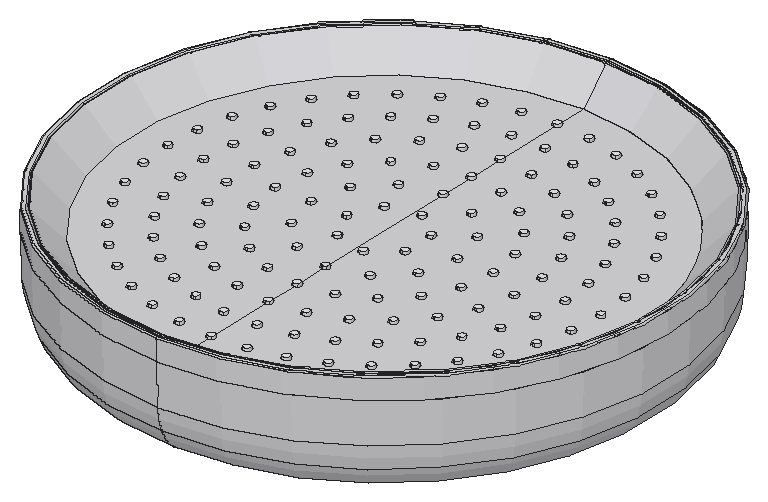
Revit family "Shower-Rainhead-KOHLER-K-26291IN", category Plumbing Fixtures, host Face, Revit 2017 (continued)
Definition of nested family "K-26291IN"
  Lines and regions (in)
    symbolic lines, detail levels medium+fine
      curve 234: arc (1.35235, 4.38821, 0) -> (1.47532, 4.36303, 0) -> (1.45014, 4.24006, 0) r 0.08875
      curve 235: arc (1.45014, 4.24006, 0) -> (1.32717, 4.26524, 0) -> (1.35235, 4.38821, 0) r 0.08875
      curve 236: arc (2.02217, 4.12263, 0) -> (2.13968, 4.07852, 0) -> (2.09558, 3.96101, 0) r 0.08875
      curve 237: arc (2.09558, 3.96101, 0) -> (1.97806, 4.00511, 0) -> (2.02217, 4.12263, 0) r 0.08875
      curve 238: arc (2.64219, 3.75553, 0) -> (2.75136, 3.69359, 0) -> (2.68942, 3.58442, 0) r 0.08875
      curve 239: arc (2.68942, 3.58442, 0) -> (2.58025, 3.64637, 0) -> (2.64219, 3.75553, 0) r 0.08875
      curve 240: arc (3.19716, 3.29597, 0) -> (3.29529, 3.21771, 0) -> (3.21703, 3.11958, 0) r 0.08875
      curve 241: arc (3.21703, 3.11958, 0) -> (3.1189, 3.19783, 0) -> (3.19716, 3.29597, 0) r 0.08875
      curve 242: arc (3.6734, 2.75524, 0) -> (3.75808, 2.6626, 0) -> (3.66543, 2.57791, 0) r 0.08875
      curve 243: arc (3.66543, 2.57791, 0) -> (3.58075, 2.67056, 0) -> (3.6734, 2.75524, 0) r 0.08875
      curve 244: arc (4.05919, 2.14667, 0) -> (4.12833, 2.04192, 0) -> (4.02358, 1.97278, 0) r 0.08875
      curve 245: arc (4.02358, 1.97278, 0) -> (3.95443, 2.07753, 0) -> (4.05919, 2.14667, 0) r 0.08875
      curve 246: arc (4.34503, 1.48525, 0) -> (4.39693, 1.37097, 0) -> (4.28265, 1.31906, 0) r 0.08875
      curve 247: arc (4.28265, 1.31906, 0) -> (4.23075, 1.43334, 0) -> (4.34503, 1.48525, 0) r 0.08875
      curve 248: arc (4.43627, 0.63287, 0) -> (4.40288, 0.75386, 0) -> (4.52388, 0.78725, 0) r 0.08875
      curve 249: arc (4.52388, 0.78725, 0) -> (4.55727, 0.66626, 0) -> (4.43627, 0.63287, 0) r 0.08875
      curve 250: arc (4.48066, -0.06891, 0) -> (4.46661, 0.05582, 0) -> (4.59133, 0.06987, 0) r 0.08875
      curve 251: arc (4.59133, 0.06987, 0) -> (4.60539, -0.05486, 0) -> (4.48066, -0.06891, 0) r 0.08875
      curve 252: arc (3.06025, -0.44283, 0) -> (3.08927, -0.32071, 0) -> (2.96715, -0.29169, 0) r 0.08875
      curve 253: arc (2.96715, -0.29169, 0) -> (2.93813, -0.41381, 0) -> (3.06025, -0.44283, 0) r 0.08875
      curve 254: arc (2.86535, -1.16232, 0) -> (2.92275, -1.0507, 0) -> (2.81113, -0.9933, 0) r 0.08875
      curve 255: arc (2.81113, -0.9933, 0) -> (2.75373, -1.10492, 0) -> (2.86535, -1.16232, 0) r 0.08875
      curve 256: arc (2.50419, -1.81391, 0) -> (2.58662, -1.71925, 0) -> (2.49196, -1.63682, 0) r 0.08875
      curve 257: arc (2.49196, -1.63682, 0) -> (2.40953, -1.73148, 0) -> (2.50419, -1.81391, 0) r 0.08875
      curve 258: arc (2.02784, -2.18563, 0) -> (1.92515, -2.2578, 0) -> (1.99732, -2.36049, 0) r 0.08875
      curve 259: arc (1.99732, -2.36049, 0) -> (2.10001, -2.28831, 0) -> (2.02784, -2.18563, 0) r 0.08875
      curve 260: arc (1.37478, -2.76969, 0) -> (1.49175, -2.72417, 0) -> (1.44623, -2.6072, 0) r 0.08875
      curve 261: arc (1.44623, -2.6072, 0) -> (1.32926, -2.65272, 0) -> (1.37478, -2.76969, 0) r 0.08875
      curve 262: arc (0.672, -3.01822, 0) -> (0.79647, -3.00201, 0) -> (0.78026, -2.87754, 0) r 0.08875
      curve 263: arc (0.78026, -2.87754, 0) -> (0.6558, -2.89375, 0) -> (0.672, -3.01822, 0) r 0.08875
      curve 264: arc (3.76309, -0.77452, 0) -> (3.79982, -0.6545, 0) -> (3.6798, -0.61777, 0) r 0.08875
      curve 265: arc (3.6798, -0.61777, 0) -> (3.64307, -0.73779, 0) -> (3.76309, -0.77452, 0) r 0.08875
      curve 266: arc (3.5567, -1.4528, 0) -> (3.61486, -1.34157, 0) -> (3.50363, -1.28341, 0) r 0.08875
      curve 267: arc (3.50363, -1.28341, 0) -> (3.44547, -1.39464, 0) -> (3.5567, -1.4528, 0) r 0.08875
      curve 268: arc (3.22919, -2.0816, 0) -> (3.30679, -1.98296, 0) -> (3.20815, -1.90535, 0) r 0.08875
      curve 269: arc (3.20815, -1.90535, 0) -> (3.13054, -2.004, 0) -> (3.22919, -2.0816, 0) r 0.08875
      curve 270: arc (2.79138, -2.63988, 0) -> (2.8858, -2.55718, 0) -> (2.8031, -2.46276, 0) r 0.08875
      curve 271: arc (2.8031, -2.46276, 0) -> (2.70868, -2.54545, 0) -> (2.79138, -2.63988, 0) r 0.08875
      curve 272: arc (2.25877, -3.10784, 0) -> (2.36678, -3.0439, 0) -> (2.30285, -2.93589, 0) r 0.08875
      curve 273: arc (2.30285, -2.93589, 0) -> (2.19483, -2.99983, 0) -> (2.25877, -3.10784, 0) r 0.08875
      curve 274: arc (1.64925, -3.46997, 0) -> (1.76717, -3.42697, 0) -> (1.72417, -3.30905, 0) r 0.08875
      curve 275: arc (1.72417, -3.30905, 0) -> (1.60625, -3.35205, 0) -> (1.64925, -3.46997, 0) r 0.08875
      curve 276: arc (0.98356, -3.71394, 0) -> (1.10737, -3.69334, 0) -> (1.08677, -3.56952, 0) r 0.08875
      curve 277: arc (1.08677, -3.56952, 0) -> (0.96296, -3.59012, 0) -> (0.98356, -3.71394, 0) r 0.08875
      curve 278: arc (0.28438, -3.83143, 0) -> (0.40987, -3.83393, 0) -> (0.41237, -3.70844, 0) r 0.08875
      curve 279: arc (0.41237, -3.70844, 0) -> (0.28688, -3.70594, 0) -> (0.28438, -3.83143, 0) r 0.08875
      curve 280: arc (0.76899, -4.41471, 0) -> (0.6436, -4.42035, 0) -> (0.64923, -4.54574, 0) r 0.08875
      curve 281: arc (0.64923, -4.54574, 0) -> (0.77462, -4.5401, 0) -> (0.76899, -4.41471, 0) r 0.08875
      curve 282: arc (1.35235, -4.38821, 0) -> (1.47532, -4.36303, 0) -> (1.45014, -4.24006, 0) r 0.08875
      curve 283: arc (1.45014, -4.24006, 0) -> (1.32717, -4.26524, 0) -> (1.35235, -4.38821, 0) r 0.08875
      curve 284: arc (2.02217, -4.12263, 0) -> (2.13968, -4.07852, 0) -> (2.09558, -3.96101, 0) r 0.08875
      curve 285: arc (2.09558, -3.96101, 0) -> (1.97806, -4.00511, 0) -> (2.02217, -4.12263, 0) r 0.08875
      curve 286: arc (2.64219, -3.75553, 0) -> (2.75136, -3.69359, 0) -> (2.68942, -3.58442, 0) r 0.08875
      curve 287: arc (2.68942, -3.58442, 0) -> (2.58025, -3.64637, 0) -> (2.64219, -3.75553, 0) r 0.08875
      curve 288: arc (3.19716, -3.29597, 0) -> (3.29529, -3.21771, 0) -> (3.21703, -3.11958, 0) r 0.08875
      curve 289: arc (3.21703, -3.11958, 0) -> (3.1189, -3.19783, 0) -> (3.19716, -3.29597, 0) r 0.08875
      curve 290: arc (3.6734, -2.75524, 0) -> (3.75808, -2.6626, 0) -> (3.66543, -2.57791, 0) r 0.08875
      curve 291: arc (3.66543, -2.57791, 0) -> (3.58075, -2.67056, 0) -> (3.6734, -2.75524, 0) r 0.08875
      curve 292: arc (4.05919, -2.14667, 0) -> (4.12833, -2.04192, 0) -> (4.02358, -1.97278, 0) r 0.08875
      curve 293: arc (4.02358, -1.97278, 0) -> (3.95443, -2.07753, 0) -> (4.05919, -2.14667, 0) r 0.08875
      curve 294: arc (4.34503, -1.48525, 0) -> (4.39693, -1.37097, 0) -> (4.28265, -1.31906, 0) r 0.08875
      curve 295: arc (4.28265, -1.31906, 0) -> (4.23075, -1.43334, 0) -> (4.34503, -1.48525, 0) r 0.08875
      curve 296: arc (4.43627, -0.63287, 0) -> (4.40288, -0.75386, 0) -> (4.52388, -0.78725, 0) r 0.08875
      curve 297: arc (4.52388, -0.78725, 0) -> (4.55727, -0.66626, 0) -> (4.43627, -0.63287, 0) r 0.08875
      curve 298: arc (-3.06025, -0.44283, 0) -> (-3.08927, -0.32071, 0) -> (-2.96715, -0.29169, 0) r 0.08875
      curve 299: arc (-2.96715, -0.29169, 0) -> (-2.93813, -0.41381, 0) -> (-3.06025, -0.44283, 0) r 0.08875
      curve 300: arc (-2.86535, -1.16232, 0) -> (-2.92275, -1.0507, 0) -> (-2.81113, -0.9933, 0) r 0.08875
      curve 301: arc (-2.81113, -0.9933, 0) -> (-2.75373, -1.10492, 0) -> (-2.86535, -1.16232, 0) r 0.08875
      curve 302: arc (-2.50419, -1.81391, 0) -> (-2.58662, -1.71925, 0) -> (-2.49196, -1.63682, 0) r 0.08875
      curve 303: arc (-2.49196, -1.63682, 0) -> (-2.40953, -1.73148, 0) -> (-2.50419, -1.81391, 0) r 0.08875
      curve 304: arc (-2.02784, -2.18563, 0) -> (-1.92515, -2.2578, 0) -> (-1.99732, -2.36049, 0) r 0.08875
      curve 305: arc (-1.99732, -2.36049, 0) -> (-2.10001, -2.28831, 0) -> (-2.02784, -2.18563, 0) r 0.08875
      curve 306: arc (-1.37478, -2.76969, 0) -> (-1.49175, -2.72417, 0) -> (-1.44623, -2.6072, 0) r 0.08875
      curve 307: arc (-1.44623, -2.6072, 0) -> (-1.32926, -2.65272, 0) -> (-1.37478, -2.76969, 0) r 0.08875
      curve 308: arc (-0.672, -3.01822, 0) -> (-0.79647, -3.00201, 0) -> (-0.78026, -2.87754, 0) r 0.08875
      curve 309: arc (-0.78026, -2.87754, 0) -> (-0.6558, -2.89375, 0) -> (-0.672, -3.01822, 0) r 0.08875
      curve 310: arc (-3.76309, -0.77452, 0) -> (-3.79982, -0.6545, 0) -> (-3.6798, -0.61777, 0) r 0.08875
      curve 311: arc (-3.6798, -0.61777, 0) -> (-3.64307, -0.73779, 0) -> (-3.76309, -0.77452, 0) r 0.08875
      curve 312: arc (-3.5567, -1.4528, 0) -> (-3.61486, -1.34157, 0) -> (-3.50363, -1.28341, 0) r 0.08875
      curve 313: arc (-3.50363, -1.28341, 0) -> (-3.44547, -1.39464, 0) -> (-3.5567, -1.4528, 0) r 0.08875
      curve 314: arc (-3.22919, -2.0816, 0) -> (-3.30679, -1.98296, 0) -> (-3.20815, -1.90535, 0) r 0.08875
      curve 315: arc (-3.20815, -1.90535, 0) -> (-3.13054, -2.004, 0) -> (-3.22919, -2.0816, 0) r 0.08875
      curve 316: arc (-2.79138, -2.63988, 0) -> (-2.8858, -2.55718, 0) -> (-2.8031, -2.46276, 0) r 0.08875
      curve 317: arc (-2.8031, -2.46276, 0) -> (-2.70868, -2.54545, 0) -> (-2.79138, -2.63988, 0) r 0.08875
      curve 318: arc (-2.25877, -3.10784, 0) -> (-2.36678, -3.0439, 0) -> (-2.30285, -2.93589, 0) r 0.08875
      curve 319: arc (-2.30285, -2.93589, 0) -> (-2.19483, -2.99983, 0) -> (-2.25877, -3.10784, 0) r 0.08875
      curve 320: arc (-1.64925, -3.46997, 0) -> (-1.76717, -3.42697, 0) -> (-1.72417, -3.30905, 0) r 0.08875
      curve 321: arc (-1.72417, -3.30905, 0) -> (-1.60625, -3.35205, 0) -> (-1.64925, -3.46997, 0) r 0.08875
      curve 322: arc (-0.98356, -3.71394, 0) -> (-1.10737, -3.69334, 0) -> (-1.08677, -3.56952, 0) r 0.08875
      curve 323: arc (-1.08677, -3.56952, 0) -> (-0.96296, -3.59012, 0) -> (-0.98356, -3.71394, 0) r 0.08875
      curve 324: arc (-0.28438, -3.83143, 0) -> (-0.40987, -3.83393, 0) -> (-0.41237, -3.70844, 0) r 0.08875
      curve 325: arc (-0.41237, -3.70844, 0) -> (-0.28688, -3.70594, 0) -> (-0.28438, -3.83143, 0) r 0.08875
      curve 326: arc (-0.76899, -4.41471, 0) -> (-0.6436, -4.42035, 0) -> (-0.64923, -4.54574, 0) r 0.08875
      curve 327: arc (-0.64923, -4.54574, 0) -> (-0.77462, -4.5401, 0) -> (-0.76899, -4.41471, 0) r 0.08875
      curve 328: arc (-1.35235, -4.38821, 0) -> (-1.47532, -4.36303, 0) -> (-1.45014, -4.24006, 0) r 0.08875
      curve 329: arc (-1.45014, -4.24006, 0) -> (-1.32717, -4.26524, 0) -> (-1.35235, -4.38821, 0) r 0.08875
      curve 330: arc (-2.02217, -4.12263, 0) -> (-2.13968, -4.07852, 0) -> (-2.09558, -3.96101, 0) r 0.08875
      curve 331: arc (-2.09558, -3.96101, 0) -> (-1.97806, -4.00511, 0) -> (-2.02217, -4.12263, 0) r 0.08875
      curve 332: arc (-2.64219, -3.75553, 0) -> (-2.75136, -3.69359, 0) -> (-2.68942, -3.58442, 0) r 0.08875
      curve 333: arc (-2.68942, -3.58442, 0) -> (-2.58025, -3.64637, 0) -> (-2.64219, -3.75553, 0) r 0.08875
      curve 334: arc (-3.19716, -3.29597, 0) -> (-3.29529, -3.21771, 0) -> (-3.21703, -3.11958, 0) r 0.08875
      curve 335: arc (-3.21703, -3.11958, 0) -> (-3.1189, -3.19783, 0) -> (-3.19716, -3.29597, 0) r 0.08875
      curve 336: arc (-3.6734, -2.75524, 0) -> (-3.75808, -2.6626, 0) -> (-3.66543, -2.57791, 0) r 0.08875
      curve 337: arc (-3.66543, -2.57791, 0) -> (-3.58075, -2.67056, 0) -> (-3.6734, -2.75524, 0) r 0.08875
      curve 338: arc (-4.05919, -2.14667, 0) -> (-4.12833, -2.04192, 0) -> (-4.02358, -1.97278, 0) r 0.08875
      curve 339: arc (-4.02358, -1.97278, 0) -> (-3.95443, -2.07753, 0) -> (-4.05919, -2.14667, 0) r 0.08875
      curve 340: arc (-4.34503, -1.48525, 0) -> (-4.39693, -1.37097, 0) -> (-4.28265, -1.31906, 0) r 0.08875
      curve 341: arc (-4.28265, -1.31906, 0) -> (-4.23075, -1.43334, 0) -> (-4.34503, -1.48525, 0) r 0.08875
      curve 342: arc (-4.43627, -0.63287, 0) -> (-4.40288, -0.75386, 0) -> (-4.52388, -0.78725, 0) r 0.08875
      curve 343: arc (-4.52388, -0.78725, 0) -> (-4.55727, -0.66626, 0) -> (-4.43627, -0.63287, 0) r 0.08875
      curve 344: arc (0.06983, -3.09133, 0) -> (-0.0549, -3.10539, 0) -> (-0.06895, -2.98066, 0) r 0.08875
      curve 345: arc (-0.06895, -2.98066, 0) -> (0.05578, -2.96661, 0) -> (0.06983, -3.09133, 0) r 0.08875
      curve 346: arc (-0.06891, -4.48066, 0) -> (0.05582, -4.46661, 0) -> (0.06987, -4.59133, 0) r 0.08875
      curve 347: arc (0.06987, -4.59133, 0) -> (-0.05486, -4.60539, 0) -> (-0.06891, -4.48066, 0) r 0.08875
  Dimensions and locks (in)
    plane 4 to plane 5 = 11.93"
    plane 6 to level = 3.97"
    plane 6 to plane 7 = 2.78"
    aligned and locked: plane 2 to level
Types (7): name | Type | Product Name | Model | Finish
  (no name) | 1 | "" | "K-26291IN-CP" | Kohler-Metal-CP-Polished_Chrome
  CP-Polished Chrome | 1 | "" | "K-26291IN-CP" | Kohler-Metal-CP-Polished_Chrome
  BN-Vibrant Brushed Nickel | 4 | "Rainhead" | "K-26291IN-BN" | Kohler-Metal-BN-Vibrant_Brushed_Nickel
  BL-Matte Black | 3 | "Rainhead" | "K-26291IN-BL" | Kohler-Metal-BL-Matte_Black
  RGD-Rose Gold | 6 | "Rainhead" | "K-26291IN-RGD" | Kohler-Metal-RGD-Rose_Gold
  AF-Flange Gold | 2 | "Rainhead" | "K-26291IN-AF" | Kohler-Metal-AF-Flange_Gold
  BV-Roman Copper | 5 | "Rainhead" | "K-26291IN-BV" | Kohler-Metal-BV-Roman_Copper
